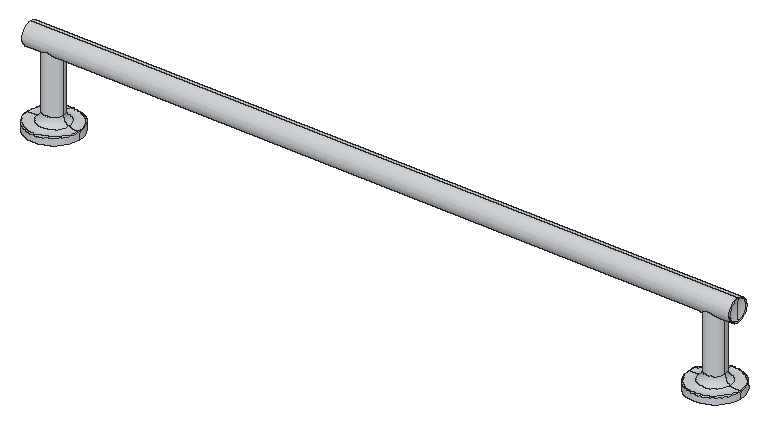
Revit family "Accessory-Towel_Bar-KOHLER-Purist-K-14436", category Generic Models, host Face, Revit 2015
Parameters (values of type "CP-Polished Chrome")
  Width = 1 7/8"  # constant formula
  URL = "https://www.us.kohler.com/us/"
  Type = 1
  Product Page URL = "http://www.us.kohler.com/us/catalog/productDetails.jsp?productNumber=14436"
  Product Name = "Purist"  # constant formula
  Product Documentation Link = "http://www.us.kohler.com/onlinecatalog/pdf/K-14436_spec.pdf"
  Model = if(Type = 1, "K-14436-CP", if(Type = 2, "K-14436-BGD", if(Type = 3, "K-14436-BN", if(Type = 4, "K-14436-BV", if(Type = 5, "K-14436-RGD", "NA")))))  # "K-14436-CP"
  Material = "Solid Brass Construction"  # constant formula
  MasterFormat 2004 = "10.28.13"  # constant formula
  MasterFormat 1995 = "10820"  # constant formula
  Manufacturer Address = "444 Highland Dr, Kohler, WI 53044"  # constant formula
  Manufacturer = "KOHLER Co."  # constant formula
  Length = 25 7/8"  # constant formula
  Height = 3 7/32"  # constant formula
  Finish = Kohler-Metal-CP-Polished_Chrome
  Environmental Product Declaration = ""
  Description = "24inch towel bar"  # constant formula
  Default Elevation = 42"
  Declare Label = ""
  Date Modified = "11/23/2017"  # constant formula
  Date Created = "11/23/2017"  # constant formula
  Copyright = "Copyright KOHLER Co."  # constant formula
  Contact Us = "https://www.us.kohler.com/us/static/contact.jsp"
  Assembly Code = "C1030200"
  ADA = no
Types (6): name | Type | Model | Finish
  (no name) | 1 | "K-14436-CP" | Kohler-Metal-CP-Polished_Chrome
  CP-Polished Chrome | 1 | "K-14436-CP" | Kohler-Metal-CP-Polished_Chrome
  BGD-Vibrant Moderne Brushed Gold | 2 | "K-14436-BGD" | Kohler-Metal-BGD-Vibrant_Moderne_Brushed_Gold
  BN-Vibrant Brushed Nickel | 3 | "K-14436-BN" | Kohler-Metal-BN-Vibrant_Brushed_Nickel
  BV-Vibrant Brushed Bronze | 4 | "K-14436-BV" | Kohler-Metal-BV-Brushed_Bronze
  RGD-Vibrant Rose Gold | 5 | "K-14436-RGD" | Kohler-Metal-RGD-Polished_Rose_Gold
Reference planes (in)
  plane 1 "Center (Front/Back)": y = 0
  plane 2: z = 0
  plane 3 "Center (Left/Right)": x = 0
  plane 4: y = 0.94488
  plane 5: x = -12.94488
  plane 6: x = 12.93012
  plane 7: y = -0.93012
  plane 8: z = 3.21875
Dimensions and locks (in)
  "Length": plane 5 to plane 6
  "Width": plane 7 to plane 4
  "Height": plane 8 to level
  aligned and locked: plane 2 to host face
  aligned and locked: level to host face
Automatic sketch dimensions
  host sketch curve to host sketch curve = 96"  (x2)
Nested families (in)
  nested 1: "K-14436" at (0, 0, 0), type "K-14436"
Definition of nested family "K-14436"
  Parameters (values of type "K-14436")
    Material = none
    Half Length1 = Half Length + 199/256"  # 12 199/256"
    Half Length = 12"
  Reference planes (in)
    plane 1 "Center (Front/Back)": y = 0
    plane 2: z = 0
    plane 3 "Center (Left/Right)": x = 0
  Forms (in)
    Revolve 1, solid, material <- "Material"
      sketch origin (0, 0, 0) x (1, 0, 0) y (0, 0, 1)
        loop
          line (-12, 0) -> (-12, 2.73517) -> (-12.35433, 2.73517) -> (-12.35433, 0.58856)
          arc (-12.35433, 0.58856) -> (-12.40673, 0.41139) -> (-12.54706, 0.29121) r 0.32574
          arc (-12.54706, 0.29121) -> (-12.73143, 0.24256) -> (-12.92168, 0.25538) r 0.58881
          arc (-12.92168, 0.25538) -> (-12.93773, 0.25179) -> (-12.94488, 0.23698) r 0.01889
          line (-12.94488, 0.23698) -> (-12.94488, 0) -> (-12, 0)
        axis (-12, 2.73517) -> (-12, 0)
      angle from 0 to 360
    Revolve 2, solid, material <- "Material"
      sketch origin (0, 0, 0) x (-1, 0, 0) y (0, 0, 1)
        loop
          line (-12, 0) -> (-12, 2.73517) -> (-12.35433, 2.73517) -> (-12.35433, 0.58856)
          arc (-12.35433, 0.58856) -> (-12.40673, 0.41139) -> (-12.54706, 0.29121) r 0.32574
          arc (-12.54706, 0.29121) -> (-12.73143, 0.24256) -> (-12.92168, 0.25538) r 0.58881
          arc (-12.92168, 0.25538) -> (-12.93773, 0.25179) -> (-12.94488, 0.23698) r 0.01889
          line (-12.94488, 0.23698) -> (-12.94488, 0) -> (-12, 0)
        axis (-12, 2.73517) -> (-12, 0)
      angle from 0 to 360
    Revolve 3, solid, material <- "Material"
      sketch origin (0, 0, 0) x (1, 0, 0) y (0, 0, 1)
        loop
          line (-12.82816, 3.22695) -> (-12.82816, 3.19616)
          arc (-12.82816, 3.19616) -> (-12.79011, 3.01648) -> (-12.77734, 2.83325) r 1.32131
          line (-12.77734, 2.83325) -> (12.77734, 2.83325)
          arc (12.77734, 2.83325) -> (12.79011, 3.01648) -> (12.82816, 3.19616) r 1.32131
          line (12.82816, 3.19616) -> (12.82816, 3.22695) -> (-12.82816, 3.22695)
        axis (12.82816, 2.83325) -> (-12.82816, 2.83325)
      angle from 0 to 360
  Cuts and joins
    joined: Revolve 1, Revolve 2, Revolve 3
  Lines and regions (in)
    Masking region 1
      outline origin (0, 0, 0) x (1, 0, 0) y (0, 0, 1)
        loop
          line (-12.82816, 3.22695) -> (-12.82816, 2.43955) -> (-12.35433, 2.43955) -> (-12.35433, 0.59248)
          arc (-12.35433, 0.59248) -> (-12.45292, 0.35447) -> (-12.69093, 0.25588) r 0.3366
          line (-12.69093, 0.25588) -> (-12.92531, 0.25588)
          arc (-12.92531, 0.25588) -> (-12.93915, 0.25015) -> (-12.94488, 0.23631) r 0.01957
          line (-12.94488, 0.23631) -> (-12.94488, 0) -> (-11.05512, 0) -> (-11.05512, 0.23631)
          arc (-11.05512, 0.23631) -> (-11.06085, 0.25015) -> (-11.07469, 0.25588) r 0.01957
          line (-11.07469, 0.25588) -> (-11.30907, 0.25588)
          arc (-11.30907, 0.25588) -> (-11.54708, 0.35447) -> (-11.64567, 0.59248) r 0.3366
          line (-11.64567, 0.59248) -> (-11.64567, 2.43955) -> (11.64567, 2.43955) -> (11.64567, 0.59248)
          arc (11.64567, 0.59248) -> (11.54708, 0.35447) -> (11.30907, 0.25588) r 0.3366
          line (11.30907, 0.25588) -> (11.07469, 0.25588)
          arc (11.07469, 0.25588) -> (11.06085, 0.25015) -> (11.05512, 0.23631) r 0.01957
          line (11.05512, 0.23631) -> (11.05512, 0) -> (12.94488, 0) -> (12.94488, 0.23631)
          arc (12.94488, 0.23631) -> (12.93915, 0.25015) -> (12.92531, 0.25588) r 0.01957
          line (12.92531, 0.25588) -> (12.69093, 0.25588)
          arc (12.69093, 0.25588) -> (12.45292, 0.35447) -> (12.35433, 0.59248) r 0.3366
          line (12.35433, 0.59248) -> (12.35433, 2.43955) -> (12.82816, 2.43955) -> (12.82816, 3.22695) -> (-12.82816, 3.22695)
    Masking region 2
      outline origin (0, 0, 0) x (0, 1, 0) y (0, 0, 1)
        loop
          line (-0.94488, 0) -> (0.94488, 0) -> (0.94488, 0.23572)
          arc (0.94488, 0.23572) -> (0.93902, 0.24987) -> (0.92487, 0.25573) r 0.02002
          line (0.92487, 0.25573) -> (0.69127, 0.25573)
          arc (0.69127, 0.25573) -> (0.45302, 0.35442) -> (0.35433, 0.59268) r 0.33694
          line (0.35433, 0.59268) -> (0.35433, 2.66164)
          arc (0.35433, 2.66164) -> (0, 3.22695) -> (-0.35433, 2.66164) r 0.3937
          line (-0.35433, 2.66164) -> (-0.35433, 0.59268)
          arc (-0.35433, 0.59268) -> (-0.45302, 0.35442) -> (-0.69127, 0.25573) r 0.33694
          line (-0.69127, 0.25573) -> (-0.92487, 0.25573)
          arc (-0.92487, 0.25573) -> (-0.93902, 0.24987) -> (-0.94488, 0.23572) r 0.02002
          line (-0.94488, 0.23572) -> (-0.94488, 0)
    Masking region 3
      outline origin (0, 0, 0) x (1, 0, 0) y (0, 1, 0)
        loop
          line (-11.14105, -0.3937) -> (11.14105, -0.3937)
          arc (11.14105, -0.3937) -> (12.94488, 0) -> (11.14105, 0.3937) r 0.94488
          line (11.14105, 0.3937) -> (-11.14105, 0.3937)
          arc (-11.14105, 0.3937) -> (-12.94488, 0) -> (-11.14105, -0.3937) r 0.94488
    symbolic lines, detail levels medium+fine
      curve 1: line (-11.64567, 0, 2.43955) -> (-12.35433, 0, 2.43955)
      curve 2: line (11.64567, 0, 2.43955) -> (12.35433, 0, 2.43955)
      curve 3: line (-12.69093, 0, 0.25588) -> (-11.30907, 0, 0.25588)
      curve 4: line (11.30907, 0, 0.25588) -> (12.69093, 0, 0.25588)
      curve 5: circle (0, 0, 2.83325) r 0.36291 normal (1, 0, 0)
      curve 6: line (0, 0.69127, 0.25573) -> (0, -0.69127, 0.25573)
      curve 7: arc (0, 0.35433, 2.66164) -> (0, -0.01064, 2.43969) -> (0, -0.36309, 2.68104) r 0.3937
      curve 8: line (-12.82816, 0.3937, 0) -> (-12.82816, -0.3937, 0)
      curve 9: line (12.82816, 0.3937, 0) -> (12.82816, -0.3937, 0)
      curve 10: line (-12.82816, 0.3937, 0) -> (-11.14105, 0.3937, 0)
      curve 11: line (12.82816, 0.3937, 0) -> (11.14105, 0.3937, 0)
      curve 12: line (-12.82816, -0.3937, 0) -> (-11.14105, -0.3937, 0)
      curve 13: line (12.82816, -0.3937, 0) -> (11.14105, -0.3937, 0)
  Dimensions and locks (in)
    "Half Length": Revolve 1 sketch curve to plane 3 "Center (Left/Right)"
    "Half Length": Revolve 2 sketch curve to plane 3 "Center (Left/Right)"
    "Half Length1": plane 3 "Center (Left/Right)" to Revolve 3 sketch curve
    equal spacing: Revolve 3 sketch curve, plane 3 "Center (Left/Right)", Revolve 3 sketch curve
    aligned and locked: plane 2 to level
    aligned and locked: Revolve 1 sketch curve to Revolve 1 sketch curve  (x2)
    aligned and locked: Revolve 2 sketch curve to Revolve 2 sketch curve  (x2)
    aligned and locked: Masking region 1 sketch curve to cut or joined group of Revolve 1, Revolve 2, Revolve 3  (x9)
    aligned and locked: curve 3 to Masking region 1  (x2)
    aligned and locked: curve 4 to Masking region 1  (x2)
    aligned and locked: Masking region 3 sketch curve to cut or joined group of Revolve 1, Revolve 2, Revolve 3  (x2)
    aligned and locked: curve 8 to cut or joined group of Revolve 1, Revolve 2, Revolve 3
    aligned and locked: curve 9 to cut or joined group of Revolve 1, Revolve 2, Revolve 3
    aligned and locked: curve 10 to Masking region 3
    aligned and locked: curve 11 to Masking region 3
  Automatic sketch dimensions
    Revolve 1 sketch curve to level = 0"
    Revolve 1 sketch curve to Revolve 1 sketch curve = 0.35433"
    Revolve 1 sketch curve to Revolve 1 sketch curve = 0.32574"
    Revolve 1 sketch curve to Revolve 1 sketch curve = 0.10742"
    Revolve 1 sketch curve to Revolve 1 sketch curve = 0.24591"
    Revolve 1 sketch curve to Revolve 1 sketch curve = 0.01889"
    level to Revolve 1 sketch curve = 0.23698"
    Revolve 1 sketch curve to Revolve 1 sketch curve = 45/128"
    Revolve 1 sketch curve to Revolve 1 sketch curve = 0.24014"
    Revolve 1 sketch curve to Revolve 1 sketch curve = 1.90647"
    Revolve 1 sketch curve to Revolve 1 sketch curve = 0"
    Revolve 1 sketch curve to level = 1/2"
    Revolve 2 sketch curve to level = 0"
    Revolve 2 sketch curve to Revolve 2 sketch curve = 0.35433"
    Revolve 2 sketch curve to Revolve 2 sketch curve = 0.32574"
    Revolve 2 sketch curve to Revolve 2 sketch curve = 0.10742"
    Revolve 2 sketch curve to Revolve 2 sketch curve = 0.24591"
    Revolve 2 sketch curve to Revolve 2 sketch curve = 0.01889"
    Revolve 2 sketch curve to level = 0.23698"
    Revolve 2 sketch curve to Revolve 2 sketch curve = 45/128"
    Revolve 2 sketch curve to Revolve 2 sketch curve = 0.24014"
    Revolve 2 sketch curve to Revolve 2 sketch curve = 1.90647"
    Revolve 2 sketch curve to Revolve 2 sketch curve = 0"
    level to Revolve 2 sketch curve = 1/2"
    Revolve 3 sketch curve to Revolve 3 sketch curve = 0.05082"  (x2)
    Revolve 3 sketch curve to Revolve 3 sketch curve = 1.32131"  (x2)
    level to Revolve 3 sketch curve = 2.83325"
    Revolve 3 sketch curve to Revolve 3 sketch curve = 0.03079"
    Revolve 3 sketch curve to Revolve 3 sketch curve = 0.436"
    Revolve 3 sketch curve to Revolve 3 sketch curve = 0"  (x2)
    Masking region 1 sketch curve to Masking region 1 sketch curve = 0.01957"  (x4)
    Masking region 1 sketch curve to Masking region 1 sketch curve = 0.3366"  (x4)
    Masking region 1 sketch curve to Masking region 1 sketch curve = 15/64"  (x3)
    Masking region 1 sketch curve to Masking region 1 sketch curve = 1.77304"
    Masking region 1 sketch curve to Masking region 1 sketch curve = 0.47383"
    Masking region 1 sketch curve to Masking region 1 sketch curve = 0.23631"  (x4)
    Masking region 1 sketch curve to Masking region 1 sketch curve = 0.7874"
    Masking region 1 sketch curve to Masking region 1 sketch curve = 0"
    curve 3 to curve 1 = 0.3366"
    curve 1 to curve 1 = 0.70866"
    curve 3 to curve 3 = 1.38186"
    curve 4 to curve 2 = 0.3366"
    curve 2 to curve 2 = 0.70866"
    curve 4 to curve 4 = 1.38186"
    curve 4 to curve 2 = 2.18367"
    curve 3 to curve 1 = 2.18367"
    Masking region 2 sketch curve to level = 0"
    Masking region 2 sketch curve to plane 1 "Center (Front/Back)" = 0"
    plane 1 "Center (Front/Back)" to Masking region 2 sketch curve = 0.35433"
    level to Masking region 2 sketch curve = 0.25573"  (x2)
    Masking region 2 sketch curve to Masking region 2 sketch curve = 0.33694"  (x2)
    Masking region 2 sketch curve to Masking region 2 sketch curve = 0.23359"  (x2)
    Masking region 2 sketch curve to Masking region 2 sketch curve = 0.02002"  (x2)
    Masking region 2 sketch curve to plane 1 "Center (Front/Back)" = 0.35433"
    Masking region 2 sketch curve to Masking region 2 sketch curve = 2.06896"
    Masking region 2 sketch curve to Masking region 2 sketch curve = 0.17161"
    curve 5 to curve 7 = 0"  (x2)
    curve 7 to plane 1 "Center (Front/Back)" = 0"
    level to curve 7 = 2.83325"
    plane 1 "Center (Front/Back)" to curve 7 = 0.36309"
    level to curve 6 = 0.25573"
    plane 1 "Center (Front/Back)" to curve 6 = 0.69127"
    curve 7 to plane 1 "Center (Front/Back)" = 0.35433"
    curve 6 to plane 1 "Center (Front/Back)" = 0.69127"
    curve 7 to curve 5 = 0.15221"
    Masking region 3 sketch curve to plane 1 "Center (Front/Back)" = 0.3937"
    plane 1 "Center (Front/Back)" to Masking region 3 sketch curve = 0.3937"
    plane 1 "Center (Front/Back)" to curve 12 = 0.3937"
    curve 8 to curve 10 = 1.68711"
    curve 12 to curve 10 = 0"
    plane 1 "Center (Front/Back)" to curve 13 = 0.3937"
    curve 13 to curve 9 = 1.68711"
    curve 11 to curve 13 = 0"
    radius of curve 5 = 0.36291"
